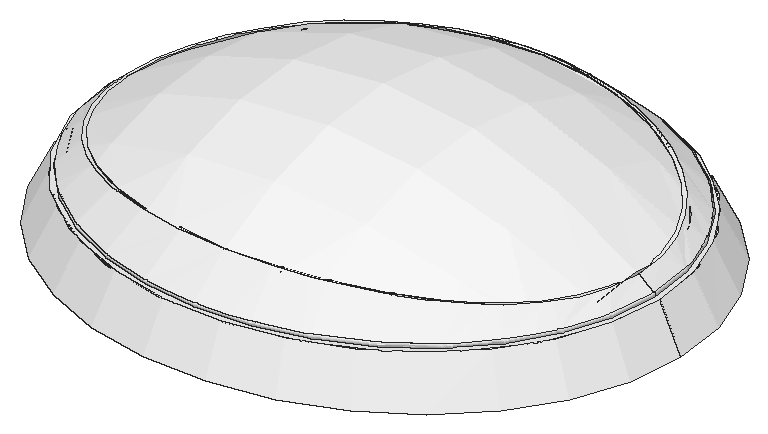
Revit family "4063804 Feilo Sylvania Lighting Fixtures BRIO IP65VR LED 3K EM WH G2", category Lighting Fixtures, host Face, Revit 2017
Family settings
  Host = Face
  Round Connector Dimension = Use Diameter
  Part Type = Normal
  OmniClass Number = 23.80.70.00
  OmniClass Title = Lighting
  Cut with Voids When Loaded = No
  Light Source = Yes
  Shared = No
  Room Calculation Point = No
Parameters (values of type "4063804 BRIO IP65VR LED 3K EM WH G2 High Output High Output")
  Weight = "3.2 kg"
  Wattage Comments = "n/a"
  Wattage = 19 W
  WarrantyStartDate [instance] = "n/a"
  WarrantyGuarantorParts = "n/a"
  WarrantyDurationUnit = "n/a"
  WarrantyDurationParts = "n/a"
  WarrantyDescription = "n/a"
  built-in parameter 1150110 = 1 (stored number, unit not read)
  Voltage = 230 V
  URL = "http://www.sylvania-lighting.com"
  TypeName = "BRIO IP65VR LED 3K EM WH G2"
  Type Image = <None>
  Type Comments = "n/a"
  built-in parameter 1114217 = 1 (stored number, unit not read)
  Tilt Angle = -90.00°
  built-in parameter 1150109 = 1 (stored number, unit not read)
  built-in parameter 1150134 = (empty or 0)
  built-in parameter 1150113 = 1 (stored number, unit not read)
  SerialNumber [instance] = "n/a"
  ReflectorMaterial = none
  PowerFactor = 0.98
  PowerConsumption = "19 W"
  Photometric Web File = "4063804-EM.ies"
  NominalLength = 104 mm
  NominalHeight = 440 mm
  NominalDepth = 390 mm
  Name = "BRIO IP65VR LED 3K EM WH G2"
  ModelReference = Name  # "BRIO IP65VR LED 3K EM WH G2"
  ModelNumber = "4063804"
  Model = Name  # "BRIO IP65VR LED 3K EM WH G2"
  Material = "aluminium body, polycarbonate diffuser"
  ManufacturerName = "Feilo Sylvania"
  Manufacturer = "Feilo Sylvania"
  LuminousEfficacy = "67 lm/W"
  built-in parameter 1150105 = 101.3 (stored number, unit not read)
  Lumens = 1273 lm
  LuminaireType = ""
  built-in parameter 1150115 = 1 (stored number, unit not read)
  LightOutputRatio = "100"
  built-in parameter 1150137 = (empty or 0)
  built-in parameter 1150139 = (empty or 0)
  LampsType = Lamp  # "LED"
  LampNominalLuminous = "1266 lm"
  LampMacAdamStep = "n/a"
  LampColourTemperature = "3000 K"
  LampColourRenderingIndex = "80"
  built-in parameter 1150112 = 1 (stored number, unit not read)
  built-in parameter 1150114 = 1 (stored number, unit not read)
  Lamp = "LED"
  Keynote = "16500"
  InstallationDate [instance] = "n/a"
  InputVoltage = "230-240V~"
  InputNominalFrequency = "50/60 Hz"
  built-in parameter 1150132 = (empty or 0)
  built-in parameter 1150102 = (empty or 0)
  built-in parameter 1150107 = 3000 (stored number, unit not read)
  built-in parameter 1150138 = (empty or 0)
  IngressProtection = "IP65"
  ImpactProtectionIndex = "IK10"
  built-in parameter 1150106 = 1.013 (stored number, unit not read)
  IfcExportType = "IfcLightFixtureType"
  IfcExportAs = "IfcLightFixtureType"
  ExpectedLife = 50000
  Emit from Circle Diameter = 300 mm
  Emit Shape Visible in Rendering = no
  ElectricShockClassification = "Class I"
  built-in parameter 1150104 = 6.2245 (stored number, unit not read)
  DurationUnit = "hours"
  DocumentationLiterature = "http://www.sylvania-lighting.com/product/en-int/products/4063804"
  DimmingControlOptions = "n/a"
  Dimming Lamp Color Temperature Shift = <None>
  DiffuserMaterial = Diffuser-Sylvania-BrioIP65VR-Opal
  Description = "Led exterior bulkhead, Unique feature allowing a choice between High Output or High Efficiency with the flick of a switch, die-cast aluminium body,  vandal resistant, 665/1266LM, 9/17W, 74/74lm/W, 3000K, Driver Current: 350/750mA, CRI80, Non dimmable, Emergency, IP55,IK10, 50,000hrs (L70), (HxWxD) 358 x 408 x 104mm,  3.2kg,,3 step MacAdam ellipse,  RAL 9016, Class 1, 230V,  energy class: A++, A+, A"
  Default Elevation = 1219.2 mm
  CreatedOn = "23/11/2017"
  CreatedBy = ""
  Cost = 0
  Color Filter = 16777215
  built-in parameter 1114216 [instance] = (empty or 0)
  ClassificationValue = "EF_70_80"
  ClassificationName = "Uniclass2015"
  BodyMaterial = Body-Sylvania-BrioIP65VR-White
  BarCode [instance] = "n/a"
  built-in parameter 1114218 = 1 (stored number, unit not read)
  built-in parameter 1150133 = 10 (stored number, unit not read)
  AssetType = "Fixed"
  AssetIdentifier [instance] = "n/a"
  Assembly Code = "D5020200"
  Apparent Load = 19 VA
  AccessoryMaterial = none
Types (2, lengths in mm): name | Wattage | PowerConsumption | built-in parameter 1150105 | Lumens | LampNominalLuminous | built-in parameter 1150106 | Apparent Load
  4063804 BRIO IP65VR LED 3K EM WH G2 High Output High Output | 19 W | "19 W" | 101.3 (stored number, unit not read) | 1273 lm | "1266 lm" | 1.013 (stored number, unit not read) | 19 VA
  4063804 BRIO IP65VR LED 3K EM WH G2 High Efficiency High Efficiency | 11 W | "11 W" | 58.649 (stored number, unit not read) | 737 lm | "665 lm" | 0.58649 (stored number, unit not read) | 11 VA
Reference planes
  plane 1 "Center (Front/Back)": y = 0
  plane 2: z = 0
  plane 3 "Center (Left/Right)": x = 0
  plane 4: x = 220
  plane 5: x = -220
  plane 6: y = 195
  plane 7: y = -195
  plane 8: z = 104
  plane 9: z = 32.5
  plane 10: z = 60
  plane 11: x = -172.7
  plane 12: x = -203.7
  plane 13: z = 45
  plane 14: y = -147.7
  plane 15: y = 147.7
  plane 16: z = 58.9
  plane 17: y = 146.8
  plane 18: y = -146.8
  plane 19: y = -148.7
  plane 20: y = 148.7
  plane 21: x = -193.7
Forms (mm)
  Blend 1, solid, material "Body-Sylvania-BrioIP65VR-White" <- "BodyMaterial"
    base sketch origin (0, 0, 0) x (1, 0, 0) y (0, 1, 0)
      loop
        spline (-220, 0) -> (-212.504, -50.47) -> (-190.526, -97.5) -> (-155.563, -137.886) -> (-110, -168.875) -> (-56.94, -188.356) -> (0, -195) -> (56.94, -188.356) -> (110, -168.875) -> (155.563, -137.886) -> (190.526, -97.5) -> (212.504, -50.47) -> (220, 0)
        spline (220, 0) -> (212.504, 50.47) -> (190.526, 97.5) -> (155.563, 137.886) -> (110, 168.875) -> (56.94, 188.356) -> (0, 195) -> (-56.94, 188.356) -> (-110, 168.875) -> (-155.563, 137.886) -> (-190.526, 97.5) -> (-212.504, 50.47) -> (-220, 0)
    top sketch origin (0, 0, 0) x (1, 0, 0) y (0, 1, 0)
      loop
        spline (-203.75, 0) -> (-196.807, -46.329) -> (-176.453, -89.5) -> (-144.073, -126.572) -> (-101.875, -155.019) -> (-52.734, -172.901) -> (0, -179) -> (52.734, -172.901) -> (101.875, -155.019) -> (144.073, -126.572) -> (176.453, -89.5) -> (196.807, -46.329) -> (203.75, 0)
        spline (203.75, 0) -> (196.807, 46.329) -> (176.453, 89.5) -> (144.073, 126.572) -> (101.875, 155.019) -> (52.734, 172.901) -> (0, 179) -> (-52.734, 172.901) -> (-101.875, 155.019) -> (-144.073, 126.572) -> (-176.453, 89.5) -> (-196.807, 46.329) -> (-203.75, 0)
    from 0 to 32.5
  Sweep 2, solid, material "Body-Sylvania-BrioIP65VR-White" <- "BodyMaterial"
    path in 3D
      loop
        spline (203.75, 0, 32.5) -> (196.807, -46.329, 32.5) -> (176.453, -89.5, 32.5) -> (144.073, -126.572, 32.5) -> (101.875, -155.019, 32.5) -> (52.734, -172.901, 32.5) -> (0, -179, 32.5) -> (-52.734, -172.901, 32.5) -> (-101.875, -155.019, 32.5) -> (-144.073, -126.572, 32.5) -> (-176.453, -89.5, 32.5) -> (-196.807, -46.329, 32.5) -> (-203.75, 0, 32.5)
        spline (-203.75, 0, 32.5) -> (-196.807, 46.329, 32.5) -> (-176.453, 89.5, 32.5) -> (-144.073, 126.572, 32.5) -> (-101.875, 155.019, 32.5) -> (-52.734, 172.901, 32.5) -> (0, 179, 32.5) -> (52.734, 172.901, 32.5) -> (101.875, 155.019, 32.5) -> (144.073, 126.572, 32.5) -> (176.453, 89.5, 32.5) -> (196.807, 46.329, 32.5) -> (203.75, 0, 32.5)
    profile origin (-203.75, 0, 32.5) x (-1, 0, 0) y (0, 0, 1)
      loop
        line (-31.05, 27.5) -> (-32.113, 26.437) -> (-10.05, 6.897) -> (-10.05, 1.5) -> (-31.05, 1.5) -> (-31.05, 0) -> (-5.172, 0)
        arc (-5.172, 0) -> (-3.338, 1.266) -> (-3.872, 3.429) r 1.961
        line (-3.872, 3.429) -> (-31.05, 27.5)
  Extrusion 3, void
    sketch origin (0, 0, 0) x (0, 1, 0) y (0, 0, 1)
      loop
        arc (-148.7, 60) -> (0, 45) -> (148.7, 60) r 744.556
        line (148.7, 60) -> (-148.7, 60)
    from -220 to 220
  Sweep 4, solid, material "Diffuser-Sylvania-BrioIP65VR-Opal" <- "DiffuserMaterial"
    path in 3D
      loop
        arc (0, 146.8, 58.9) -> (0, 0, 104) -> (0, -146.8, 58.9) r 261.466
    profile origin (0, 0, 104) x (0, 0, -1) y (1, 0, 0)
      loop
        line (59, -187.374) -> (61.459, -185.655)
        arc (61.459, -185.655) -> (3, 0) -> (61.459, 185.655) r 324.034
        line (61.459, 185.655) -> (59, 187.374)
        arc (59, 187.374) -> (0, 0) -> (59, -187.374) r 327.034
  Extrusion 5, void
    sketch origin (0, 0, 0) x (1, 0, 0) y (0, 1, 0)
      loop
        spline (-193.7, 0) -> (-187.1, -38.486) -> (-167.749, -74.35) -> (-136.967, -105.147) -> (-96.85, -128.778) -> (-50.133, -143.633) -> (0, -148.7) -> (50.133, -143.633) -> (96.85, -128.778) -> (136.967, -105.147) -> (167.749, -74.35) -> (187.1, -38.486) -> (193.7, 0)
        spline (193.7, 0) -> (187.1, 38.486) -> (167.749, 74.35) -> (136.967, 105.147) -> (96.85, 128.778) -> (50.133, 143.633) -> (0, 148.7) -> (-50.133, 143.633) -> (-96.85, 128.778) -> (-136.967, 105.147) -> (-167.749, 74.35) -> (-187.1, 38.486) -> (-193.7, 0)
      loop
        line (-203.7, 195) -> (-203.7, -195) -> (220, -195) -> (220, 195) -> (-203.7, 195)
    from 0 to 60
Cuts and joins
  Extrusion 3 cuts Sweep 2
  Extrusion 5 cuts Sweep 4
Lines and regions (mm)
  sketch lines
    curve 1: spline (-203.75, 0, 32.5) -> (-196.807, 46.329, 32.5) -> (-176.453, 89.5, 32.5) -> (-144.073, 126.572, 32.5) -> (-101.875, 155.019, 32.5) -> (-52.734, 172.901, 32.5) -> (0, 179, 32.5) -> (52.734, 172.901, 32.5) -> (101.875, 155.019, 32.5) -> (144.073, 126.572, 32.5) -> (176.453, 89.5, 32.5) -> (196.807, 46.329, 32.5) -> (203.75, 0, 32.5)
    curve 2: spline (203.75, 0, 32.5) -> (196.807, -46.329, 32.5) -> (176.453, -89.5, 32.5) -> (144.073, -126.572, 32.5) -> (101.875, -155.019, 32.5) -> (52.734, -172.901, 32.5) -> (0, -179, 32.5) -> (-52.734, -172.901, 32.5) -> (-101.875, -155.019, 32.5) -> (-144.073, -126.572, 32.5) -> (-176.453, -89.5, 32.5) -> (-196.807, -46.329, 32.5) -> (-203.75, 0, 32.5)
    curve 4: arc (0, 146.8, 58.9) -> (0, 0, 104) -> (0, -146.8, 58.9) r 261.466
  reference lines
    curve 3: arc (0, 146.8, 58.9) -> (0, 0, 104) -> (0, -146.8, 58.9) r 261.466
Dimensions and locks
  equal spacing: plane 5, plane 3 "Center (Left/Right)", plane 4
  locked: plane 5 to plane 4 at 440
  equal spacing: plane 7, plane 1 "Center (Front/Back)", plane 6
  locked: plane 7 to plane 6 at 390
  locked: plane 8 to plane 2 at 104
  plane 9 to plane 2 = 32.5 mm
  locked: Blend 1 sketch curve to Blend 1 sketch curve at 195
  locked: Blend 1 sketch curve to Blend 1 sketch curve at 220
  locked: Blend 1 sketch curve to Blend 1 sketch curve at 203.75
  locked: Blend 1 sketch curve to Blend 1 sketch curve at 179
  locked: plane 10 to plane 9 at 27.5
  locked: plane 12 to plane 5 at 16.3
  locked: plane 11 to plane 5 at 47.3
  locked: plane 10 to plane 13 at 15
  equal spacing: plane 14, plane 1 "Center (Front/Back)", plane 15
  locked: plane 7 to plane 14 at 47.3
  locked: Sweep 2 sketch curve to Sweep 2 sketch curve at 1.5
  locked: Sweep 2 sketch curve to plane 9 at 1.5
  locked: plane 16 to plane 10 at 1.1
  equal spacing: plane 18, plane 1 "Center (Front/Back)", plane 17
  locked: plane 14 to plane 18 at 0.9
  locked: plane 2 to curve 3 at 157.466
  equal spacing: plane 19, plane 1 "Center (Front/Back)", plane 20
  locked: plane 19 to plane 14 at 1
  locked: Extrusion 3 sketch curve to plane 2 at 789.556
  locked: plane 21 to plane 12 at 10
  aligned and locked: plane 2 to host face
  aligned and locked: level to host face
  aligned and locked: plane 3 "Center (Left/Right)" to Blend 1 sketch curve  (x2)
  aligned and locked: plane 1 "Center (Front/Back)" to Blend 1 sketch curve  (x4)
  aligned and locked: Blend 1 to plane 9
  aligned and locked: Sweep 2 sketch curve to profile plane
  aligned and locked: plane 4 to Extrusion 3
  aligned and locked: plane 10 to Sweep 2 sketch curve
  aligned and locked: plane 17 to curve 3
  aligned and locked: plane 16 to curve 3  (x2)
  aligned and locked: plane 18 to curve 3
  aligned and locked: plane 13 to Sweep 4 sketch curve
  aligned and locked: plane 10 to Extrusion 3 sketch curve
  aligned and locked: plane 20 to Extrusion 3 sketch curve
  aligned and locked: plane 19 to Extrusion 3 sketch curve
  aligned and locked: plane 1 "Center (Front/Back)" to Extrusion 3 sketch curve
  aligned and locked: Extrusion 3 to plane 5
  aligned and locked: imposter light to plane 8
  aligned and locked: plane 3 "Center (Left/Right)" to imposter light
  aligned and locked: imposter light to plane 1 "Center (Front/Back)"
  aligned and locked: plane 21 to Sweep 2 sketch curve
  aligned and locked: Sweep 2 sketch curve to plane 21
  aligned and locked: plane 3 "Center (Left/Right)" to Extrusion 5 sketch curve
  aligned and locked: plane 1 "Center (Front/Back)" to Extrusion 5 sketch curve  (x2)
  aligned and locked: plane 6 to Extrusion 5 sketch curve
  aligned and locked: Extrusion 5 sketch curve to plane 7
  aligned and locked: Extrusion 5 sketch curve to plane 4
  aligned and locked: plane 12 to Extrusion 5 sketch curve
  aligned and locked: Extrusion 5 to level
  aligned and locked: Extrusion 5 to plane 10
Automatic sketch dimensions
  host sketch curve to host sketch curve = 2438.4 mm  (x2)
  Sweep 4 sketch curve to Sweep 4 sketch curve = 0 mm  (x2)
  Sweep 4 sketch curve to profile plane = 0 mm
  Sweep 4 sketch curve to Sweep 4 sketch curve = 2.459 mm  (x2)
  Sweep 4 sketch curve to Sweep 4 sketch curve = 265.575 mm
  Sweep 4 sketch curve to profile plane = 185.655 mm
  Sweep 4 sketch curve to Sweep 4 sketch curve = 1.719 mm
  Sweep 4 sketch curve to profile plane = 59 mm
  Sweep 2 sketch curve to Sweep 2 sketch curve = 21 mm
  Sweep 2 sketch curve to Sweep 2 sketch curve = 0 mm
  profile plane to Sweep 2 sketch curve = 26.437 mm
  Sweep 2 sketch curve to Sweep 2 sketch curve = 1.063 mm
  profile plane to Sweep 2 sketch curve = 1.961 mm
  profile plane to Sweep 2 sketch curve = 3.429 mm
  Extrusion 5 sketch curve to plane 21 = 0 mm
Connectors
  electrical at (0, 0, 0), driven by "Apparent Load", driven by "PowerFactor", driven by "Voltage"
    settings: index 1, voltage 230 V, apparent load 19 VA, apparent load phase1 0 VA, apparent load phase2 0 VA, apparent load phase3 0 VA, power factor 0.98, load classification "Lighting", number of poles 1, system type 30, power factor state 1, is connector primary yes, connector utility no, sub classification motor no, connector description ""
